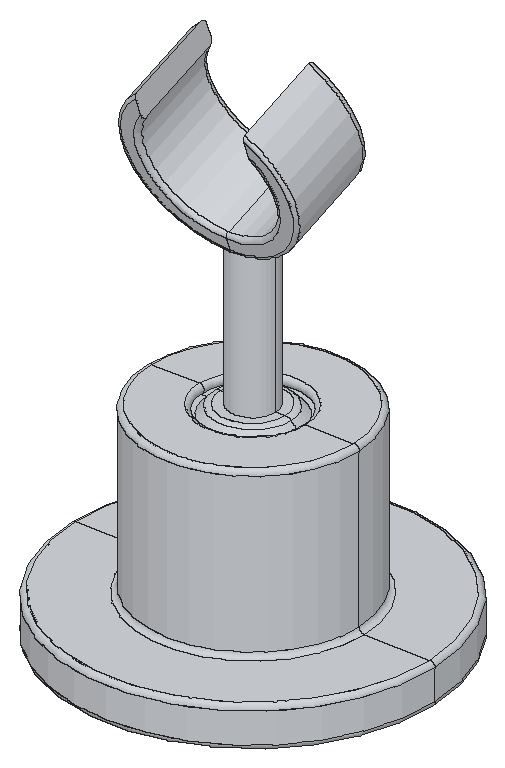
Revit family "Accessory-Handshower_Holder-KOHLER-STILLNESS-K-975T", category Specialty Equipment, host Face, Revit 2017
Family settings
  Host = Face
  Round Connector Dimension = Use Diameter
  Part Type = Normal
  OmniClass Number = 23.31.25.00
  OmniClass Title = Toilet and Bath Specialties
  Cut with Voids When Loaded = No
  Shared = No
  Room Calculation Point = No
Parameters (values of type "CP-Polished Chrome")
  Width = 2 103/256"  # constant formula
  WaterSense Certified = 1 = 0  # no
  URL = "http://www.kohler.com.cn/en/"
  Type = 1
  Product Page URL = "https://www.kohler.com.cn/en/product/K-975T-CP/K-975T-CP/"
  Product Name = "PURIST"  # constant formula
  Product Documentation Link = "https://files.kohler.com.cn/pdfs/k_975t_1.pdf"
  Model = "K-975T-CP"  # constant formula
  Material = "Metal Construction"  # constant formula
  Master Format 2014 Name = "Toilet, Bath, and Laundry Accessories"  # constant formula
  Master Format 2014 = "10 28 00"  # constant formula
  Manufacturer Address = "Kohler Beijing Office (100016)\n36-2-03-B, No. 88, Liuxiang Road, Beijing"  # constant formula
  Manufacturer = "KOHLER Co."  # constant formula
  Length = 3 1/2"  # constant formula
  Height = 2 103/256"  # constant formula
  Finish = Kohler-Metal-CP-Polished_Chrome
  Environmental Product Declaration = ""
  Description = "WALLMOUNT BRACKET"  # constant formula
  Default Elevation = 42"
  Declare Label = ""
  Date Modified = "07/06/2020"  # constant formula
  Date Created = "07/06/2020"  # constant formula
  Copyright = "Copyright KOHLER Co."  # constant formula
  Contact Us = "http://www.kohler.com.cn/en/contact/contact-us/"
  Assembly Code = "C1030200"
  ADA Compliant = 1 = 0  # no
Reference planes (in)
  plane 1 "Center (Front/Back)": y = 0
  plane 2: z = 0
  plane 3 "Center (Left/Right)": x = 0
  plane 4: y = 1.20079
  plane 5: y = -1.20156
  plane 6: x = -1.20079
  plane 7: x = 1.20156
  plane 8: z = 3.5
  plane 9: through (0, -1.11627, 2.56856) normal (0, -0.342, 0.9397)
Dimensions and locks (in)
  "Width": plane 7 to plane 6
  "Length": plane 8 to level
  "Height": plane 4 to plane 5
  angle plane 9 to plane 1 "Center (Front/Back)" = 70.00°
  aligned and locked: plane 2 to host face
  aligned and locked: level to host face
Automatic sketch dimensions
  host sketch curve to host sketch curve = 96"  (x2)
Nested families (in)
  nested 1: "K-975T" at (0, 0, 0), type "K-975T"
Definition of nested family "K-975T"
  Parameters (values of type "K-975T")
    Material = none
  Reference planes (in)
    plane 1 "Center (Front/Back)": y = 0
    plane 2: z = 0
    plane 3 "Center (Left/Right)": x = 0
    plane 4: x = 1.20079
    plane 5: x = -1.20079
    plane 6: y = 1.20079
    plane 7: y = -1.20079
    plane 8: z = 3.50394
    plane 9 "1": through (0, -0.53989, 2.77834) normal (0, -0.342, 0.9397)
  Forms (in)
    Revolve 1, solid, material <- "Material", detail levels medium+fine
      sketch origin (0, 0, 0) x (1, 0, 0) y (0, 0, 1)
        loop
          line (0.66612, 1.375) -> (0.34954, 1.375)
          arc (0.34954, 1.375) -> (0.32503, 1.345) -> (0.34954, 1.315) r 0.03061
          line (0.34954, 1.315) -> (0.30074, 1.315)
          arc (0.30074, 1.315) -> (0.27814, 1.34128) -> (0.25303, 1.36518) r 0.3473
          arc (0.25303, 1.36518) -> (0.23462, 1.37608) -> (0.21359, 1.37996) r 0.06106
          line (0.21359, 1.37996) -> (0.15001, 1.37996) -> (0.15001, 2.49611) -> (0, 2.49611) -> (0, 0) -> (1.16488, 0)
          arc (1.16488, 0) -> (1.18972, 0.01029) -> (1.2, 0.03513) r 0.03513
          line (1.2, 0.03513) -> (1.2, 0.2359)
          arc (1.2, 0.2359) -> (1.19002, 0.26001) -> (1.16591, 0.27) r 0.0341
          line (1.16591, 0.27) -> (0.73367, 0.27)
          arc (0.73367, 0.27) -> (0.70986, 0.27986) -> (0.7, 0.30367) r 0.03367
          line (0.7, 0.30367) -> (0.7, 1.34112)
          arc (0.7, 1.34112) -> (0.69008, 1.36508) -> (0.66612, 1.375) r 0.03388
        axis (0, 2.49611) -> (0, 0)
      angle from 0 to 360
    Revolve 2, solid, material <- "Material", detail levels medium+fine
      sketch origin (0, 0, 0) x (0, 1, 0) y (0, 0, 1)
        loop
          arc (-0.19675, 2.48201) -> (-0.21354, 2.46662) -> (-0.21454, 2.44387) r 0.02976
          line (-0.21454, 2.44387) -> (-0.18547, 2.36402)
          arc (-0.18547, 2.36402) -> (-0.17499, 2.35258) -> (-0.1595, 2.35191) r 0.02027
          line (-0.1595, 2.35191) -> (0.36624, 2.54326)
          arc (0.36624, 2.54326) -> (0.38331, 2.5589) -> (0.38432, 2.58204) r 0.03026
          line (0.38432, 2.58204) -> (0.35883, 2.65209)
          arc (0.35883, 2.65209) -> (0.34321, 2.66913) -> (0.32012, 2.67014) r 0.0302
          line (0.32012, 2.67014) -> (-0.19675, 2.48201)
        axis (0.19888, 3.09154) -> (-0.37433, 2.88291)
      angle from 0 to 360
    Extrusion 3, void
      sketch origin (-0.01603, 0, -0.00247) x (1, 0, 0) y (0, 0, 1)
        loop
          line (-0.34, 3.75839) -> (-0.34, 3.06599) -> (0.37176, 3.06599) -> (0.37176, 3.75839) -> (-0.34, 3.75839)
      from -0.72024 to 1.00012
    Revolve 4, solid, material <- "Material", detail levels coarse
      sketch origin (0, 0, 0) x (1, 0, 0) y (0, 0, 1)
        loop
          line (0.15001, 1.375) -> (0.15001, 2.49751) -> (0, 2.49751) -> (0, 0) -> (1.20079, 0) -> (1.20079, 0.27) -> (0.7, 0.27) -> (0.7, 1.375) -> (0.15001, 1.375)
        axis (0, 2.49751) -> (0, 0)
      angle from 0 to 360
    Revolve 5, solid, material <- "Material", detail levels coarse
      sketch origin (0, 0, 0) x (0, 1, 0) y (0, 0, 1)
        loop
          line (-0.17854, 2.34498) -> (0.39466, 2.55361) -> (0.34849, 2.68046) -> (-0.22471, 2.47184) -> (-0.17854, 2.34498)
        axis (0.19764, 3.09491) -> (-0.37556, 2.88628)
      angle from 0 to 360
  Cuts and joins
    Extrusion 3 cuts Revolve 1
    Extrusion 3 cuts Revolve 2
    joined: Revolve 1, Revolve 2
    Extrusion 3 cuts Revolve 5
    joined: Revolve 4, Revolve 5
  Lines and regions (in)
    Masking region 1
      outline origin (-0.00962, -0.01507, 0) x (1, 0, 0) y (0, 1, 0)
        loop
          circle (0.00962, 0.01507) r 1.20079
    Masking region 2
      outline origin (0, 0, 0) x (1, 0, 0) y (0, 0, 1)
        loop
          line (0.66612, 1.375) -> (0.24761, 1.375) -> (0.21359, 1.37996) -> (0.15001, 1.37996) -> (0.15001, 2.36983)
          arc (0.15001, 2.36983) -> (0.3357, 2.45262) -> (0.47991, 2.59593) r 0.56328
          arc (0.47991, 2.59593) -> (0.54854, 2.73584) -> (0.57246, 2.88984) r 0.51808
          line (0.57246, 2.88984) -> (0.57246, 3.08328)
          arc (0.57246, 3.08328) -> (0.51387, 3.31926) -> (0.35573, 3.50397) r 0.528
          line (0.35573, 3.50397) -> (0.35573, 3.13167)
          arc (0.35573, 3.13167) -> (0.39843, 3.06301) -> (0.42535, 2.98678) r 0.37346
          arc (0.42535, 2.98678) -> (0.26754, 2.75524) -> (0, 2.67196) r 0.42566
          arc (0, 2.67196) -> (-0.26754, 2.75524) -> (-0.42535, 2.98678) r 0.42566
          arc (-0.42535, 2.98678) -> (-0.39853, 3.0628) -> (-0.35603, 3.1313) r 0.37346
          line (-0.35603, 3.1313) -> (-0.35603, 3.50376)
          arc (-0.35603, 3.50376) -> (-0.51395, 3.3191) -> (-0.57246, 3.08328) r 0.528
          line (-0.57246, 3.08328) -> (-0.57246, 2.88984)
          arc (-0.57246, 2.88984) -> (-0.54854, 2.73584) -> (-0.47991, 2.59593) r 0.51808
          arc (-0.47991, 2.59593) -> (-0.3357, 2.45262) -> (-0.15001, 2.36983) r 0.56328
          line (-0.15001, 2.36983) -> (-0.15001, 1.37996) -> (-0.21359, 1.37996) -> (-0.24761, 1.375) -> (-0.66612, 1.375)
          arc (-0.66612, 1.375) -> (-0.69008, 1.36508) -> (-0.7, 1.34112) r 0.03388
          line (-0.7, 1.34112) -> (-0.7, 0.30367)
          arc (-0.7, 0.30367) -> (-0.70986, 0.27986) -> (-0.73367, 0.27) r 0.03367
          line (-0.73367, 0.27) -> (-1.16591, 0.27)
          arc (-1.16591, 0.27) -> (-1.19002, 0.26001) -> (-1.2, 0.2359) r 0.0341
          line (-1.2, 0.2359) -> (-1.2, 0.03513)
          arc (-1.2, 0.03513) -> (-1.18972, 0.01029) -> (-1.16488, 0) r 0.03513
          line (-1.16488, 0) -> (0, 0) -> (1.16488, 0)
          arc (1.16488, 0) -> (1.18972, 0.01029) -> (1.2, 0.03513) r 0.03513
          line (1.2, 0.03513) -> (1.2, 0.2359)
          arc (1.2, 0.2359) -> (1.19002, 0.26001) -> (1.16591, 0.27) r 0.0341
          line (1.16591, 0.27) -> (0.73367, 0.27)
          arc (0.73367, 0.27) -> (0.70986, 0.27986) -> (0.7, 0.30367) r 0.03367
          line (0.7, 0.30367) -> (0.7, 1.34112)
          arc (0.7, 1.34112) -> (0.69008, 1.36508) -> (0.66612, 1.375) r 0.03388
    Masking region 3
      outline origin (0, 0, 0) x (0, 1, 0) y (0, 0, 1)
        loop
          arc (-0.66612, 1.375) -> (-0.69008, 1.36508) -> (-0.7, 1.34112) r 0.03388
          line (-0.7, 1.34112) -> (-0.7, 0.30367)
          arc (-0.7, 0.30367) -> (-0.70986, 0.27986) -> (-0.73367, 0.27) r 0.03367
          line (-0.73367, 0.27) -> (-1.16591, 0.27)
          arc (-1.16591, 0.27) -> (-1.19002, 0.26001) -> (-1.2, 0.2359) r 0.0341
          line (-1.2, 0.2359) -> (-1.2, 0.03513)
          arc (-1.2, 0.03513) -> (-1.18972, 0.01029) -> (-1.16488, 0) r 0.03513
          line (-1.16488, 0) -> (0, 0) -> (1.16488, 0)
          arc (1.16488, 0) -> (1.18972, 0.01029) -> (1.2, 0.03513) r 0.03513
          line (1.2, 0.03513) -> (1.2, 0.2359)
          arc (1.2, 0.2359) -> (1.19002, 0.26001) -> (1.16591, 0.27) r 0.0341
          line (1.16591, 0.27) -> (0.73367, 0.27)
          arc (0.73367, 0.27) -> (0.70986, 0.27986) -> (0.7, 0.30367) r 0.03367
          line (0.7, 0.30367) -> (0.7, 1.34112)
          arc (0.7, 1.34112) -> (0.69008, 1.36508) -> (0.66612, 1.375) r 0.03388
          line (0.66612, 1.375) -> (0.24982, 1.375)
          arc (0.24982, 1.375) -> (0.23187, 1.37871) -> (0.21359, 1.37996) r 0.13485
          line (0.21359, 1.37996) -> (0.15001, 1.37996) -> (0.15001, 2.44342)
          arc (0.15001, 2.44342) -> (0.15547, 2.46074) -> (0.16987, 2.47179) r 0.03019
          line (0.16987, 2.47179) -> (0.36699, 2.54353)
          arc (0.36699, 2.54353) -> (0.3836, 2.55876) -> (0.38459, 2.58128) r 0.02945
          line (0.38459, 2.58128) -> (0.05691, 3.48155)
          arc (0.05691, 3.48155) -> (0.03961, 3.50044) -> (0.01402, 3.50155) r 0.03347
          line (0.01402, 3.50155) -> (-0.50597, 3.31229)
          arc (-0.50597, 3.31229) -> (-0.51904, 3.30032) -> (-0.51981, 3.28261) r 0.02315
          line (-0.51981, 3.28261) -> (-0.1853, 2.36356)
          arc (-0.1853, 2.36356) -> (-0.17508, 2.3524) -> (-0.15996, 2.35174) r 0.01977
          arc (-0.15996, 2.35174) -> (-0.15255, 2.3352) -> (-0.15001, 2.31725) r 0.06474
          line (-0.15001, 2.31725) -> (-0.15001, 1.37996) -> (-0.21359, 1.37996)
          arc (-0.21359, 1.37996) -> (-0.23187, 1.37871) -> (-0.24982, 1.375) r 0.13485
          line (-0.24982, 1.375) -> (-0.66612, 1.375)
    symbolic lines, detail levels medium+fine
      curve 1: circle (0, 0, 0) r 1.16619 normal (0, 0, 1)
      curve 2: circle (0, 0, 0) r 0.73605 normal (0, 0, 1)
      curve 3: circle (0, 0, 0) r 0.69896 normal (0, 0, 1)
      curve 4: arc (-0.4595, -0.48092, 0) -> (0, -0.66515, 0) -> (0.4595, -0.48092, 0) r 0.66515
      curve 5: arc (-0.11925, -0.22229, 0) -> (0.00027, -0.2532, 0) -> (0.11982, -0.22235, 0) r 0.24684
      curve 6: line (-0.39037, -0.49141, 0) -> (-0.39037, 0.02542, 0)
      curve 7: line (0.39037, 0.02542, 0) -> (0.39037, -0.49141, 0)
      curve 8: line (-0.34, 0.07069, 0) -> (-0.34, -0.48102, 0)
      curve 9: line (0.34, -0.48102, 0) -> (0.34, 0.07069, 0)
      curve 10: arc (-0.34, 0.07069, 0) -> (-0.34719, 0.09077, 0) -> (-0.3655, 0.10172, 0) r 0.03163
      curve 11: arc (-0.3655, 0.10172, 0) -> (-0.40732, 0.12426, 0) -> (-0.4381, 0.16045, 0) r 0.12848
      curve 12: spline (-0.4381, 0.16045, 0) -> (-0.42316, 0.20179, 0) -> (-0.37936, 0.24031, 0) -> (-0.30969, 0.27338, 0) -> (-0.2189, 0.29875, 0) -> (-0.11318, 0.31469, 0) -> (0.00025, 0.3201, 0) -> (0.11367, 0.31462, 0) -> (0.21932, 0.29863, 0) -> (0.31001, 0.27322, 0) -> (0.37955, 0.24011, 0) -> (0.4232, 0.20157, 0) -> (0.43797, 0.16022, 0)
      curve 13: arc (0.3655, 0.10172, 0) -> (0.40722, 0.12417, 0) -> (0.43797, 0.16022, 0) r 0.12848
      curve 14: line (-0.37, 0.09976, 0) -> (-0.37, 0.06115, 0)
      curve 15: arc (-0.37, 0.09976, 0) -> (-0.42015, 0.12518, 0) -> (-0.45982, 0.16502, 0) r 0.17729
      curve 16: arc (0.37, 0.09976, 0) -> (0.42015, 0.12518, 0) -> (0.45982, 0.16502, 0) r 0.17729
      curve 17: arc (-0.45982, 0.16502, 0) -> (-0.4704, 0.19781, 0) -> (-0.45982, 0.23061, 0) r 0.05613
      curve 18: arc (-0.45982, 0.23061, 0) -> (-0.44889, 0.24467, 0) -> (-0.43695, 0.25788, 0) r 0.24103
      curve 19: arc (-0.43695, 0.25788, 0) -> (-0.39875, 0.28344, 0) -> (-0.35682, 0.30229, 0) r 0.27559
      curve 20: arc (-0.35682, 0.30229, 0) -> (-0.18099, 0.34684, 0) -> (0, 0.35881, 0) r 0.99765
      curve 21: arc (0.45982, 0.23061, 0) -> (0.44889, 0.24467, 0) -> (0.43695, 0.25788, 0) r 0.24103
      curve 22: arc (0.43695, 0.25788, 0) -> (0.39875, 0.28344, 0) -> (0.35682, 0.30229, 0) r 0.27559
      curve 23: arc (0.35682, 0.30229, 0) -> (0.18099, 0.34684, 0) -> (0, 0.35881, 0) r 0.99765
      curve 24: arc (0.45982, 0.16502, 0) -> (0.4704, 0.19781, 0) -> (0.45982, 0.23061, 0) r 0.05613
      curve 25: arc (0.19104, -0.23226, 0) -> (0, -0.30074, 0) -> (-0.19104, -0.23226, 0) r 0.30074
      curve 26: arc (-0.37, 0.06115, 0) -> (-0.39789, 0.07001, 0) -> (-0.42476, 0.08159, 0) r 0.29536
      curve 27: arc (-0.42476, 0.08159, 0) -> (-0.48903, 0.11444, 0) -> (-0.53772, 0.16773, 0) r 0.20282
      curve 28: arc (-0.53772, 0.16773, 0) -> (-0.54435, 0.20904, 0) -> (-0.52588, 0.24659, 0) r 0.06897
      curve 29: arc (-0.52588, 0.24659, 0) -> (-0.46025, 0.29838, 0) -> (-0.38305, 0.33047, 0) r 0.30574
      curve 30: arc (-0.38305, 0.33047, 0) -> (-0.19386, 0.37401, 0) -> (0, 0.3843, 0) r 1.12243
      curve 31: arc (0.37, 0.06115, 0) -> (0.39789, 0.07001, 0) -> (0.42476, 0.08159, 0) r 0.29536
      curve 32: arc (0.42476, 0.08159, 0) -> (0.48903, 0.11444, 0) -> (0.53772, 0.16773, 0) r 0.20282
      curve 33: arc (0.53772, 0.16773, 0) -> (0.54435, 0.20904, 0) -> (0.52588, 0.24659, 0) r 0.06897
      curve 34: arc (0.52588, 0.24659, 0) -> (0.46025, 0.29838, 0) -> (0.38305, 0.33047, 0) r 0.30574
      curve 35: arc (0.38305, 0.33047, 0) -> (0.19386, 0.37401, 0) -> (0, 0.3843, 0) r 1.12243
      curve 36: arc (-0.39037, 0.02542, 0) -> (-0.44589, 0.04552, 0) -> (-0.49861, 0.07209, 0) r 0.49389
      curve 37: arc (-0.49861, 0.07209, 0) -> (-0.53871, 0.10296, 0) -> (-0.56958, 0.14306, 0) r 0.19616
      curve 38: arc (-0.56958, 0.14306, 0) -> (-0.57579, 0.17172, 0) -> (-0.56958, 0.20037, 0) r 0.06917
      curve 39: arc (-0.56958, 0.20037, 0) -> (-0.5353, 0.25156, 0) -> (-0.48644, 0.28909, 0) r 0.18993
      curve 40: arc (-0.48644, 0.28909, 0) -> (-0.36482, 0.34011, 0) -> (-0.23576, 0.36731, 0) r 0.69686
      curve 41: arc (-0.23576, 0.36731, 0) -> (-0.11804, 0.37864, 0) -> (0, 0.38596, 0) r 3.47896
      curve 42: arc (0.39037, 0.02542, 0) -> (0.44589, 0.04552, 0) -> (0.49861, 0.07209, 0) r 0.49389
      curve 43: arc (0.49861, 0.07209, 0) -> (0.53871, 0.10296, 0) -> (0.56958, 0.14306, 0) r 0.19616
      curve 44: arc (0.56958, 0.14306, 0) -> (0.57579, 0.17172, 0) -> (0.56958, 0.20037, 0) r 0.06917
      curve 45: arc (0.56958, 0.20037, 0) -> (0.5353, 0.25156, 0) -> (0.48644, 0.28909, 0) r 0.18993
      curve 46: arc (0.48644, 0.28909, 0) -> (0.36482, 0.34011, 0) -> (0.23576, 0.36731, 0) r 0.69686
      curve 47: arc (0.23576, 0.36731, 0) -> (0.11804, 0.37864, 0) -> (0, 0.38596, 0) r 3.47896
      curve 48: arc (-0.25023, -0.24406, 0) -> (0, -0.34954, 0) -> (0.25023, -0.24406, 0) r 0.34954
      curve 49: arc (-0.39037, 0.02542, 0) -> (-0.38641, 0.04684, 0) -> (-0.37, 0.06115, 0) r 0.03308
      curve 50: arc (0.39037, 0.02542, 0) -> (0.38641, 0.04684, 0) -> (0.37, 0.06115, 0) r 0.03308
      curve 51: arc (0.575, -0.34691, 0) -> (0.57135, -0.37287, 0) -> (0.56153, -0.39718, 0) r 0.10766
      curve 52: arc (0.56153, -0.39718, 0) -> (0.53376, -0.43404, 0) -> (0.49691, -0.46181, 0) r 0.16565
      curve 53: arc (0.49691, -0.46181, 0) -> (0.44423, -0.48785, 0) -> (0.38935, -0.50885, 0) r 0.62798
      curve 54: arc (0.38935, -0.50885, 0) -> (0.3721, -0.51435, 0) -> (0.3546, -0.50968, 0) r 0.03226
      curve 55: arc (0.3546, -0.50968, 0) -> (0.34379, -0.49714, 0) -> (0.34, -0.48102, 0) r 0.03475
      curve 56: arc (0.575, -0.34691, 0) -> (0.56787, -0.37853, 0) -> (0.54915, -0.40498, 0) r 0.08275
      curve 57: arc (0.54915, -0.40498, 0) -> (0.51659, -0.43203, 0) -> (0.48082, -0.45466, 0) r 0.32822
      curve 58: arc (0.48082, -0.45466, 0) -> (0.43664, -0.47561, 0) -> (0.39037, -0.49141, 0) r 0.4304
      curve 59: arc (0.39037, -0.49141, 0) -> (0.36524, -0.49428, 0) -> (0.34068, -0.48823, 0) r 0.07152
      curve 60: line (0.39037, 0.02542, 0) -> (0.39037, -0.49141, 0)
      curve 61: arc (0.39037, -0.49141, 0) -> (0.38466, -0.50952, 0) -> (0.3662, -0.51395, 0) r 0.01927
      curve 62: line (0.575, -0.34691, 0) -> (0.575, 0.16126, 0)
      curve 63: arc (-0.575, -0.34691, 0) -> (-0.57135, -0.37287, 0) -> (-0.56153, -0.39718, 0) r 0.10766
      curve 64: arc (-0.56153, -0.39718, 0) -> (-0.53376, -0.43404, 0) -> (-0.49691, -0.46181, 0) r 0.16565
      curve 65: arc (-0.49691, -0.46181, 0) -> (-0.44116, -0.48918, 0) -> (-0.38298, -0.51091, 0) r 0.62798
      curve 66: arc (-0.3546, -0.50968, 0) -> (-0.34379, -0.49714, 0) -> (-0.34, -0.48102, 0) r 0.03475
      curve 67: arc (-0.575, -0.34691, 0) -> (-0.56787, -0.37853, 0) -> (-0.54915, -0.40498, 0) r 0.08275
      curve 68: arc (-0.54915, -0.40498, 0) -> (-0.51659, -0.43203, 0) -> (-0.48082, -0.45466, 0) r 0.32822
      curve 69: arc (-0.48082, -0.45466, 0) -> (-0.43664, -0.47561, 0) -> (-0.39037, -0.49141, 0) r 0.4304
      curve 70: arc (-0.39037, -0.49141, 0) -> (-0.36524, -0.49428, 0) -> (-0.34068, -0.48823, 0) r 0.07152
      curve 71: arc (-0.39037, -0.49141, 0) -> (-0.38466, -0.50952, 0) -> (-0.3662, -0.51395, 0) r 0.01927
      curve 72: line (-0.575, -0.34691, 0) -> (-0.575, 0.16126, 0)
      curve 73: arc (0.575, -0.33437, 0) -> (0, 0.66515, 0) -> (-0.575, -0.33437, 0) r 0.66515
      curve 74: arc (-0.34, -0.2684, 0) -> (0, -0.21598, 0) -> (0.34, -0.2684, 0) r 1.12868
      curve 75: arc (0.34, 0.07069, 0) -> (0.34719, 0.09077, 0) -> (0.3655, 0.10172, 0) r 0.03163
      curve 76: line (0.37, 0.09976, 0) -> (0.37, 0.06115, 0)
      curve 77: arc (0.42535, 0, 2.98678) -> (0.43447, 0, 3.03349) -> (0.43742, 0, 3.081) r 0.3637
      curve 78: arc (-0.42535, 0, 2.98678) -> (-0.43447, 0, 3.03349) -> (-0.43742, 0, 3.081) r 0.3637
      curve 79: line (0.7, 0, 1.34112) -> (-0.7, 0, 1.34112)
      curve 80: line (1.2, 0, 0.2359) -> (-1.2, 0, 0.2359)
      curve 81: line (1.2, 0, 0.03513) -> (-1.2, 0, 0.03513)
      curve 82: line (0.73367, 0, 0.27) -> (-0.73367, 0, 0.27)
      curve 83: line (0.15001, 0, 1.37996) -> (-0.15001, 0, 1.37996)
      curve 84: line (0.15001, 0, 2.36983) -> (0.15001, 0, 2.43109)
      curve 85: line (-0.15001, 0, 2.36983) -> (-0.15001, 0, 2.43109)
      curve 86: arc (-0.15001, 0, 2.43109) -> (-0.14089, 0, 2.44501) -> (-0.12697, 0, 2.45413) r 0.04083
      curve 87: arc (-0.12697, 0, 2.45413) -> (-0.09102, 0, 2.46342) -> (-0.05389, 0, 2.46375) r 0.15254
      curve 88: arc (-0.05389, 0, 2.46375) -> (-0.02695, 0, 2.46443) -> (0, 0, 2.46469) r 1.73876
      curve 89: arc (0.15001, 0, 2.43109) -> (0.14089, 0, 2.44501) -> (0.12697, 0, 2.45413) r 0.04083
      curve 90: arc (0.12697, 0, 2.45413) -> (0.09102, 0, 2.46342) -> (0.05389, 0, 2.46375) r 0.15254
      curve 91: arc (0.05389, 0, 2.46375) -> (0.02695, 0, 2.46443) -> (0, 0, 2.46469) r 1.73876
      curve 92: arc (0, 0.15949, 2.46539) -> (0, -0.00757, 2.42913) -> (0, -0.15882, 2.34947) r 0.63281
      curve 93: line (0, -1.2, 0.2359) -> (0, 1.2, 0.2359)
      curve 94: line (0, -1.2, 0.03513) -> (0, 1.2, 0.03513)
      curve 95: line (0, -0.7, 1.34112) -> (0, 0.7, 1.34112)
      curve 96: line (0, -0.50804, 3.31154) -> (0, -0.15998, 2.35172)
      curve 97: line (0, 0.36699, 2.54353) -> (0, 0.01799, 3.5024)
      curve 98: line (0, -0.15001, 1.37996) -> (0, 0.15001, 1.37996)
      curve 99: line (0, -0.24982, 1.375) -> (0, 0.24982, 1.375)
      curve 100: line (0, -0.73367, 0.27) -> (0, 0.73367, 0.27)
      curve 101: line (0.24761, 0, 1.375) -> (-0.24761, 0, 1.375)
  Dimensions and locks (in)
    plane 5 to plane 4 = 2.40157"
    plane 6 to plane 7 = 2.40157"
    plane 8 to level = 3.50394"
    angle plane 9 "1" to plane 1 "Center (Front/Back)" = 70.00°
    aligned and locked: plane 2 to level
  Automatic sketch dimensions
    Revolve 1 sketch curve to plane 3 "Center (Left/Right)" = 0"  (x2)
    Revolve 1 sketch curve to level = 0"
    plane 3 "Center (Left/Right)" to Revolve 1 sketch curve = 0.02645"
    plane 3 "Center (Left/Right)" to Revolve 1 sketch curve = 0.15001"
    Revolve 1 sketch curve to Revolve 1 sketch curve = 0.06318"
    Revolve 1 sketch curve to Revolve 1 sketch curve = 0.0004"
    Revolve 1 sketch curve to Revolve 1 sketch curve = 0.08754"
    Revolve 1 sketch curve to Revolve 1 sketch curve = 0.04881"
    Revolve 1 sketch curve to Revolve 1 sketch curve = 0"  (x2)
    Revolve 1 sketch curve to Revolve 1 sketch curve = 0.00609"
    Revolve 1 sketch curve to Revolve 1 sketch curve = 0.31048"
    Revolve 1 sketch curve to Revolve 1 sketch curve = 0.03388"
    Revolve 1 sketch curve to Revolve 1 sketch curve = 0.03367"
    Revolve 1 sketch curve to Revolve 1 sketch curve = 0.43121"
    Revolve 1 sketch curve to Revolve 1 sketch curve = 0.00103"
    Revolve 1 sketch curve to Revolve 1 sketch curve = 0.0341"
    Revolve 1 sketch curve to Revolve 1 sketch curve = 0.20078"
    Revolve 1 sketch curve to Revolve 1 sketch curve = 0.7983"
    Revolve 1 sketch curve to Revolve 1 sketch curve = 0.21303"
    Revolve 1 sketch curve to Revolve 1 sketch curve = 1/256"
    Revolve 1 sketch curve to Revolve 1 sketch curve = 0.02612"
    Revolve 1 sketch curve to Revolve 1 sketch curve = 0.01478"
    Revolve 1 sketch curve to Revolve 1 sketch curve = 1.11615"
    Revolve 1 sketch curve to Revolve 1 sketch curve = 0.18831"
    Revolve 1 sketch curve to Revolve 1 sketch curve = 0.68661"
    plane 1 "Center (Front/Back)" to Revolve 2 sketch curve = 0.21454"
    Revolve 2 sketch curve to Revolve 2 sketch curve = 0.01779"
    Revolve 2 sketch curve to Revolve 2 sketch curve = 0.01018"
    Revolve 2 sketch curve to Revolve 2 sketch curve = 0.02906"
    Revolve 2 sketch curve to Revolve 2 sketch curve = 0.01905"
    Revolve 2 sketch curve to Revolve 2 sketch curve = 0.00693"
    Revolve 2 sketch curve to plane 1 "Center (Front/Back)" = 0.32012"
    Revolve 2 sketch curve to Revolve 2 sketch curve = 0.01033"
    Revolve 2 sketch curve to Revolve 2 sketch curve = 0.02544"
    Revolve 2 sketch curve to Revolve 2 sketch curve = 0.02838"
    Revolve 2 sketch curve to Revolve 2 sketch curve = 0.01035"
    Revolve 2 sketch curve to plane 8 = 1.15203"
    plane 1 "Center (Front/Back)" to Revolve 2 sketch curve = 0.15078"
    Revolve 2 sketch curve to plane 1 "Center (Front/Back)" = 0.40416"
    Revolve 2 sketch curve to Revolve 2 sketch curve = 0.48226"
    Revolve 2 sketch curve to plane 8 = 0.33768"
    Extrusion 3 sketch curve to plane 3 "Center (Left/Right)" = 0.35603"
    plane 3 "Center (Left/Right)" to Extrusion 3 sketch curve = 0.35573"
    Extrusion 3 sketch curve to plane 8 = 0.44042"
    plane 8 to Extrusion 3 sketch curve = 0.25199"
    plane 1 "Center (Front/Back)" to Masking region 1 sketch curve = 0"
    plane 5 to Masking region 1 sketch curve = 1.20079"
    curve 1 to curve 2 = 0"  (x2)
    curve 1 to curve 3 = 0"  (x2)
    curve 1 to curve 4 = 0"  (x2)
    curve 1 to curve 25 = 0"  (x2)
    curve 1 to curve 48 = 0"  (x2)
    curve 1 to curve 73 = 0"  (x2)
    curve 2 to curve 3 = 0"  (x2)
    curve 2 to curve 4 = 0"  (x2)
    curve 2 to curve 25 = 0"  (x2)
    curve 2 to curve 48 = 0"  (x2)
    curve 2 to curve 73 = 0"  (x2)
    curve 3 to curve 4 = 0"  (x2)
    curve 3 to curve 25 = 0"  (x2)
    curve 3 to curve 48 = 0"  (x2)
    curve 3 to curve 73 = 0"  (x2)
    curve 4 to curve 25 = 0"  (x2)
    curve 4 to curve 48 = 0"  (x2)
    curve 4 to curve 73 = 0"  (x2)
    curve 25 to curve 48 = 0"  (x2)
    curve 25 to curve 73 = 0"  (x2)
    curve 48 to curve 73 = 0"  (x2)
    plane 1 "Center (Front/Back)" to curve 25 = 0"
    curve 25 to plane 3 "Center (Left/Right)" = 0"
    curve 23 to plane 3 "Center (Left/Right)" = 0"
    curve 30 to plane 3 "Center (Left/Right)" = 0"
    curve 74 to plane 3 "Center (Left/Right)" = 0"
    curve 41 to plane 3 "Center (Left/Right)" = 0"
    curve 20 to plane 3 "Center (Left/Right)" = 0.02492"
    curve 30 to plane 3 "Center (Left/Right)" = 0.03765"
    curve 47 to plane 3 "Center (Left/Right)" = 0.15628"
    curve 40 to plane 3 "Center (Left/Right)" = 0.15724"
    curve 65 to plane 1 "Center (Front/Back)" = 0.08751"
    curve 65 to plane 3 "Center (Left/Right)" = 0.19258"
    curve 36 to plane 3 "Center (Left/Right)" = 0.25034"
    curve 18 to curve 65 = 0.07163"
    curve 19 to curve 18 = 0.00093"
    plane 1 "Center (Front/Back)" to curve 69 = 0.07687"
    curve 69 to curve 19 = 0.00949"
    curve 26 to curve 36 = 0.04425"
    curve 29 to curve 19 = 0.04029"
    curve 15 to curve 26 = 0.02134"
    curve 68 to curve 69 = 0.04895"
    curve 11 to curve 15 = 0.01059"
    curve 8 to curve 29 = 0.03458"
    curve 49 to curve 8 = 0.01767"
    curve 27 to curve 15 = 0.05011"
    curve 70 to curve 66 = 0.02981"
    curve 14 to plane 1 "Center (Front/Back)" = 0.09976"
    curve 14 to curve 10 = 0.03"
    curve 14 to plane 1 "Center (Front/Back)" = 0.06115"
    curve 14 to curve 8 = 0.03"
    curve 71 to curve 8 = 0.03151"
    curve 10 to curve 26 = 0.00163"
    curve 66 to curve 71 = 0.00323"
    curve 6 to plane 1 "Center (Front/Back)" = 0.02542"
    curve 6 to curve 49 = 0.03269"
    curve 39 to curve 15 = 0.02671"
    curve 37 to curve 27 = 0.03396"
    curve 17 to curve 37 = 0.01426"
    curve 64 to curve 74 = 0.07663"
    curve 63 to curve 64 = 0.05073"
    curve 28 to curve 17 = 0.06188"
    curve 67 to curve 63 = 0.02492"
    curve 38 to curve 28 = 0.03048"
    curve 72 to curve 67 = 0.08272"
    plane 3 "Center (Left/Right)" to curve 5 = 0.00034"
    plane 3 "Center (Left/Right)" to curve 23 = 0.02492"
    plane 3 "Center (Left/Right)" to curve 35 = 0.03765"
    plane 3 "Center (Left/Right)" to curve 41 = 0.15628"
    plane 3 "Center (Left/Right)" to curve 46 = 0.15724"
    plane 3 "Center (Left/Right)" to curve 53 = 0.19258"
    plane 3 "Center (Left/Right)" to curve 42 = 0.25034"
    curve 53 to curve 21 = 0.07163"
    curve 21 to curve 22 = 0.00093"
    curve 22 to curve 58 = 0.00949"
    curve 42 to curve 31 = 0.04425"
    curve 22 to curve 34 = 0.04029"
    curve 31 to curve 16 = 0.02134"
    curve 58 to curve 57 = 0.04895"
    curve 16 to curve 13 = 0.01059"
    curve 46 to curve 9 = 0.18276"
    curve 75 to curve 50 = 0.01767"
    curve 16 to curve 32 = 0.05011"
    curve 55 to curve 59 = 0.02981"
    curve 76 to plane 1 "Center (Front/Back)" = 0.09976"
    curve 75 to curve 76 = 0.03"  (x2)
    curve 76 to plane 1 "Center (Front/Back)" = 0.06115"
    curve 55 to curve 54 = 0.03132"
    curve 54 to curve 61 = 0.00019"
    curve 31 to curve 75 = 0.00163"
    curve 54 to curve 55 = 0.00342"
    curve 55 to curve 7 = 1/64"
    curve 16 to curve 45 = 0.02671"
    curve 32 to curve 43 = 0.03396"
    curve 43 to curve 24 = 0.01426"
    curve 74 to curve 52 = 0.07663"
    curve 52 to curve 51 = 0.05073"
    curve 24 to curve 33 = 0.06188"
    curve 51 to curve 56 = 0.02492"
    curve 33 to curve 44 = 0.03048"
    curve 56 to curve 62 = 0.08272"
    plane 1 "Center (Front/Back)" to curve 58 = 0.07687"
    curve 57 to curve 58 = 0.08969"
    curve 68 to curve 69 = 0.08969"
    curve 64 to curve 68 = 0.15035"
    curve 52 to curve 57 = 0.15035"
    curve 40 to curve 68 = 0.15855"
    curve 46 to curve 57 = 0.15855"
    curve 67 to curve 64 = 0.02797"
    curve 56 to curve 52 = 0.02797"
    curve 51 to curve 56 = 0.00014"
    curve 63 to curve 67 = 0.00014"
    curve 72 to curve 67 = 0.00204"
    curve 62 to curve 56 = 0.00204"
    curve 59 to curve 52 = 0.106"
    curve 70 to curve 64 = 0.106"
    curve 9 to curve 59 = 0.05812"
    curve 8 to curve 70 = 0.05812"
    curve 55 to curve 55 = 0.00035"
    curve 66 to curve 8 = 0.00035"
    curve 54 to curve 55 = 0.00073"
    curve 6 to curve 66 = 0.01004"
    curve 7 to curve 55 = 0.01004"
    curve 71 to curve 66 = 0.01405"
    curve 61 to curve 54 = 0.01332"
    curve 20 to curve 40 = 0.31342"
    curve 20 to curve 23 = 0"
    curve 35 to curve 23 = 0.09897"
    curve 30 to curve 35 = 0"
    curve 74 to plane 7 = 0.14387"
    curve 47 to curve 74 = 1.74483"
    curve 47 to curve 41 = 0"
    plane 1 "Center (Front/Back)" to curve 5 = 0.00636"
    curve 60 to plane 1 "Center (Front/Back)" = 0.02542"
    curve 29 to plane 1 "Center (Front/Back)" = 0.03474"
    curve 34 to plane 1 "Center (Front/Back)" = 0.03474"
    curve 34 to curve 22 = 0.00765"
    curve 29 to curve 19 = 0.00765"
    curve 26 to curve 10 = 0.00954"
    curve 31 to curve 75 = 0.00954"
    curve 22 to curve 53 = 0.04511"
    curve 19 to curve 18 = 0.04738"
    curve 22 to curve 21 = 0.04738"
    curve 16 to curve 45 = 0.02193"
    curve 15 to curve 39 = 0.02193"
    curve 45 to curve 44 = 0.05003"
    curve 39 to curve 38 = 0.05003"
    curve 39 to curve 17 = 0.07613"
    curve 45 to curve 24 = 0.07613"
    curve 38 to curve 28 = 0.02708"
    curve 44 to curve 33 = 0.02708"
    curve 17 to curve 11 = 0.02633"
    curve 24 to curve 13 = 0.02633"
    curve 24 to curve 43 = 0.04385"
    curve 17 to curve 37 = 0.04385"
    curve 11 to curve 15 = 0.04446"
    curve 13 to curve 16 = 0.04446"
    curve 37 to curve 27 = 0.03405"
    curve 43 to curve 32 = 0.03405"
    curve 15 to curve 26 = 5/64"
    curve 16 to curve 31 = 5/64"
    curve 31 to curve 42 = 0.15232"
    curve 26 to curve 36 = 0.15232"
    curve 12 to plane 3 "Center (Left/Right)" = 0.00007"
    curve 40 to curve 5 = 0.03798"
    curve 25 to curve 5 = 0.07179"
    curve 26 to curve 41 = 0.05884"
    curve 40 to curve 41 = 0"
    curve 48 to curve 25 = 0.05919"
    curve 71 to curve 66 = 0.01691"
    curve 27 to curve 20 = 0.00923"
    curve 19 to curve 20 = 0"
    curve 14 to curve 11 = 0.0045"
    curve 71 to curve 66 = 0.01159"
    curve 65 to curve 71 = 0.01678"
    curve 30 to curve 20 = 0.02623"
    curve 26 to curve 39 = 0.02805"
    curve 18 to curve 37 = 0.03695"
    curve 15 to curve 11 = 0.02172"
    curve 69 to curve 4 = 0.02132"
    curve 17 to curve 15 = 0"
    curve 68 to curve 69 = 0"
    curve 39 to curve 19 = 0.04948"
    curve 40 to curve 39 = 0"
    curve 64 to curve 65 = 0"
    curve 37 to curve 36 = 0"
    curve 28 to curve 29 = 0"
    curve 72 to curve 37 = 0.00542"
    curve 5 to curve 25 = 0.07122"
    curve 46 to curve 47 = 0"
    curve 54 to curve 61 = 0.01691"
    curve 22 to curve 23 = 0"
    curve 75 to curve 16 = 0.0045"
    curve 23 to curve 34 = 0.02623"
    curve 54 to curve 59 = 0.00102"
    curve 45 to curve 31 = 0.02805"
    curve 43 to curve 21 = 0.03695"
    curve 24 to curve 21 = 0"
    curve 57 to curve 58 = 0"
    curve 45 to curve 46 = 0"
    curve 52 to curve 53 = 0"
    curve 43 to curve 42 = 0"
    curve 33 to curve 34 = 0"
    curve 43 to curve 62 = 0.00542"
    curve 62 to curve 73 = 0.01254"
    Masking region 2 sketch curve to level = 0"
    Masking region 2 sketch curve to plane 3 "Center (Left/Right)" = 0"  (x2)
    Masking region 2 sketch curve to plane 3 "Center (Left/Right)" = 0.01431"
    Masking region 2 sketch curve to plane 3 "Center (Left/Right)" = 0.01726"
    Masking region 2 sketch curve to Masking region 2 sketch curve = 0.03019"  (x2)
    Masking region 2 sketch curve to Masking region 2 sketch curve = 0.03713"  (x2)
    Masking region 2 sketch curve to Masking region 2 sketch curve = 0.00741"  (x2)
    Masking region 2 sketch curve to plane 3 "Center (Left/Right)" = 0.15001"
    Masking region 2 sketch curve to Masking region 2 sketch curve = 0.06358"  (x2)
    Masking region 2 sketch curve to plane 8 = 0.00018"
    Masking region 2 sketch curve to plane 3 "Center (Left/Right)" = 0.35603"
    Masking region 2 sketch curve to Masking region 2 sketch curve = 0.21644"
    Masking region 2 sketch curve to Masking region 2 sketch curve = 0.45253"  (x2)
    Masking region 2 sketch curve to Masking region 2 sketch curve = 0.03388"  (x3)
    Masking region 2 sketch curve to Masking region 2 sketch curve = 0.03367"  (x2)
    plane 5 to Masking region 2 sketch curve = 0.03591"
    plane 5 to Masking region 2 sketch curve = 0.03488"
    plane 5 to Masking region 2 sketch curve = 0.00078"
    plane 3 "Center (Left/Right)" to Masking region 2 sketch curve = 0.01431"
    plane 3 "Center (Left/Right)" to Masking region 2 sketch curve = 0.01726"
    plane 3 "Center (Left/Right)" to Masking region 2 sketch curve = 0.15001"
    Masking region 2 sketch curve to Masking region 2 sketch curve = 0.31124"
    Masking region 2 sketch curve to Masking region 2 sketch curve = 0.21673"
    plane 4 to Masking region 2 sketch curve = 0.03591"
    plane 4 to Masking region 2 sketch curve = 0.03488"
    Masking region 2 sketch curve to Masking region 2 sketch curve = 0"  (x7)
    plane 4 to Masking region 2 sketch curve = 0.00078"
    Masking region 2 sketch curve to Masking region 2 sketch curve = 0.20078"  (x2)
    Masking region 2 sketch curve to Masking region 2 sketch curve = 1.03745"
    Masking region 2 sketch curve to Masking region 2 sketch curve = 0.00496"  (x2)
    Masking region 2 sketch curve to plane 8 = 0.6141"  (x2)
    Masking region 2 sketch curve to Masking region 2 sketch curve = 0.00162"
    Masking region 2 sketch curve to Masking region 2 sketch curve = 0.00984"  (x2)
    Masking region 2 sketch curve to Masking region 2 sketch curve = 0.02579"
    Masking region 2 sketch curve to Masking region 2 sketch curve = 0.16021"
    Masking region 2 sketch curve to Masking region 2 sketch curve = 0.19344"
    Masking region 2 sketch curve to Masking region 2 sketch curve = 0.01992"
    Masking region 2 sketch curve to Masking region 2 sketch curve = 0.04802"
    Masking region 2 sketch curve to Masking region 2 sketch curve = 0.0484"
    Masking region 2 sketch curve to Masking region 2 sketch curve = 0.03402"  (x2)
    Masking region 2 sketch curve to Masking region 2 sketch curve = 0.06932"
    Masking region 3 sketch curve to level = 0"
    Masking region 3 sketch curve to plane 1 "Center (Front/Back)" = 0"
    plane 1 "Center (Front/Back)" to Masking region 3 sketch curve = 0.15001"
    Masking region 3 sketch curve to Masking region 3 sketch curve = 0.01672"
    Masking region 3 sketch curve to Masking region 3 sketch curve = 0.01858"
    Masking region 3 sketch curve to Masking region 3 sketch curve = 0.06358"  (x2)
    Masking region 3 sketch curve to Masking region 3 sketch curve = 0.02944"
    Masking region 3 sketch curve to Masking region 3 sketch curve = 0.03623"  (x2)
    Masking region 3 sketch curve to plane 8 = 0.21341"
    plane 1 "Center (Front/Back)" to Masking region 3 sketch curve = 0.49806"
    Masking region 3 sketch curve to plane 8 = 0.19165"
    Masking region 3 sketch curve to Masking region 3 sketch curve = 0.00792"
    Masking region 3 sketch curve to Masking region 3 sketch curve = 0.4163"  (x2)
    Masking region 3 sketch curve to Masking region 3 sketch curve = 0.03388"  (x2)
    Masking region 3 sketch curve to Masking region 3 sketch curve = 0.03367"  (x2)
    plane 7 to Masking region 3 sketch curve = 0.03591"
    plane 7 to Masking region 3 sketch curve = 0.03488"
    plane 7 to Masking region 3 sketch curve = 0.00078"
    Masking region 3 sketch curve to plane 8 = 0.00238"
    Masking region 3 sketch curve to plane 1 "Center (Front/Back)" = 0.02547"
    level to Masking region 3 sketch curve = 3.48155"
    Masking region 3 sketch curve to plane 1 "Center (Front/Back)" = 0.15001"
    Masking region 3 sketch curve to Masking region 3 sketch curve = 0.01987"
    Masking region 3 sketch curve to Masking region 3 sketch curve = 0.01033"
    Masking region 3 sketch curve to Masking region 3 sketch curve = 0.18704"
    Masking region 3 sketch curve to Masking region 3 sketch curve = 0.01007"
    Masking region 3 sketch curve to plane 6 = 0.03591"
    Masking region 3 sketch curve to plane 6 = 0.03488"
    Masking region 3 sketch curve to Masking region 3 sketch curve = 0"  (x2)
    Masking region 3 sketch curve to plane 6 = 0.00078"
    Masking region 3 sketch curve to Masking region 3 sketch curve = 0.20078"  (x2)
    Masking region 3 sketch curve to Masking region 3 sketch curve = 0.94144"
    Masking region 3 sketch curve to Masking region 3 sketch curve = 0.096"  (x2)
    Masking region 3 sketch curve to Masking region 3 sketch curve = 0.04631"
    level to Masking region 3 sketch curve = 3.28261"
    curve 92 to plane 1 "Center (Front/Back)" = 0.20896"
    curve 92 to plane 8 = 1.66942"
    curve 92 to plane 1 "Center (Front/Back)" = 0.15949"
    curve 98 to plane 1 "Center (Front/Back)" = 0.15001"
    curve 97 to plane 8 = 0.00154"
    curve 97 to plane 1 "Center (Front/Back)" = 0.01799"
    plane 1 "Center (Front/Back)" to curve 98 = 0.15001"
    plane 1 "Center (Front/Back)" to curve 92 = 0.15882"
    curve 96 to curve 92 = 0.00116"
    curve 99 to curve 98 = 0.09981"
    curve 96 to plane 8 = 0.1924"
    plane 1 "Center (Front/Back)" to curve 96 = 0.50804"
    curve 95 to curve 99 = 0.45018"
    plane 7 to curve 100 = 0.46712"
    plane 7 to curve 94 = 0.00078"
    plane 7 to curve 93 = 0.00078"
    curve 98 to curve 99 = 0.09981"
    curve 92 to curve 97 = 0.2075"
    curve 99 to curve 95 = 0.45018"
    curve 100 to plane 6 = 0.46712"
    curve 93 to plane 6 = 0.00078"
    curve 94 to plane 6 = 0.00078"
    curve 98 to curve 92 = 0.45456"
    curve 99 to curve 98 = 0.00496"
    curve 95 to curve 99 = 0.03388"
    level to curve 100 = 0.27"
    level to curve 93 = 0.2359"
    level to curve 94 = 0.03513"
    curve 92 to curve 92 = 0.51495"
    curve 92 to curve 96 = 0.00224"
    curve 92 to curve 97 = 0.07815"
    Revolve 4 sketch curve to level = 0"
    Revolve 4 sketch curve to plane 3 "Center (Left/Right)" = 0"  (x2)
    plane 4 to Revolve 4 sketch curve = 0"
    Revolve 4 sketch curve to Revolve 4 sketch curve = 0.15001"
    Revolve 4 sketch curve to Revolve 4 sketch curve = 0.50079"
    level to Revolve 4 sketch curve = 0.27"
    Revolve 4 sketch curve to Revolve 4 sketch curve = 1.105"
    Revolve 4 sketch curve to Revolve 4 sketch curve = 1.12251"
    Revolve 4 sketch curve to Revolve 4 sketch curve = 0.42628"
    Revolve 4 sketch curve to Revolve 4 sketch curve = 0.31831"
    plane 1 "Center (Front/Back)" to Revolve 5 sketch curve = 0.22471"
    Revolve 5 sketch curve to Revolve 5 sketch curve = 0.04617"
    Revolve 5 sketch curve to plane 1 "Center (Front/Back)" = 0.34849"
    Revolve 5 sketch curve to plane 8 = 1.15896"
    Revolve 5 sketch curve to Revolve 5 sketch curve = 0.12686"
    Revolve 5 sketch curve to Revolve 5 sketch curve = 0.30894"
    Revolve 5 sketch curve to plane 1 "Center (Front/Back)" = 0.44969"
    Revolve 5 sketch curve to Revolve 5 sketch curve = 0.3569"
    Revolve 5 sketch curve to plane 8 = 0.31729"
    curve 88 to plane 3 "Center (Left/Right)" = 0"
    curve 91 to plane 3 "Center (Left/Right)" = 0.0034"
    curve 87 to plane 3 "Center (Left/Right)" = 0.0711"
    curve 78 to plane 3 "Center (Left/Right)" = 0.07372"
    curve 86 to curve 87 = 0.04091"
    curve 85 to curve 86 = 0.038"
    plane 3 "Center (Left/Right)" to curve 88 = 0.0034"
    plane 3 "Center (Left/Right)" to curve 90 = 0.0711"
    plane 3 "Center (Left/Right)" to curve 77 = 0.07372"
    curve 90 to curve 89 = 0.04091"
    curve 89 to curve 84 = 0.038"
    level to curve 91 = 0.72594"
    curve 88 to curve 91 = 0"
    curve 90 to plane 8 = 1.19175"
    curve 87 to curve 90 = 0"
    curve 90 to curve 89 = 0.10395"
    curve 87 to curve 86 = 0.10395"
    curve 86 to curve 85 = 0.01495"
    curve 89 to curve 84 = 0.01495"
    curve 78 to plane 8 = 0.4242"
    curve 77 to curve 78 = 0"
    curve 87 to plane 3 "Center (Left/Right)" = 0.05389"
    curve 87 to curve 86 = 0"
    curve 83 to plane 3 "Center (Left/Right)" = 0.15001"
    curve 101 to curve 83 = 0.0976"
    curve 78 to curve 78 = 0.35162"
    curve 78 to curve 78 = 0.01208"
    curve 79 to curve 101 = 0.45239"
    plane 5 to curve 82 = 0.46712"
    plane 5 to curve 80 = 0.00078"
    plane 5 to curve 81 = 0.00078"
    plane 3 "Center (Left/Right)" to curve 91 = 0.05389"
    plane 3 "Center (Left/Right)" to curve 83 = 0.15001"
    curve 83 to curve 101 = 0.0976"
    curve 77 to curve 77 = 0.35162"
    curve 77 to curve 77 = 0.01208"
    curve 101 to curve 79 = 0.45239"
    plane 4 to curve 82 = 0.46712"
    plane 4 to curve 81 = 0.00078"
    plane 4 to curve 80 = 0.00078"
    level to curve 82 = 0.27"
    level to curve 80 = 0.2359"
    level to curve 81 = 0.03513"
    curve 88 to curve 79 = 0.61517"
    curve 79 to curve 101 = 0.03388"
    curve 101 to curve 83 = 0.00496"
    curve 84 to curve 89 = 0.0463"
    curve 85 to curve 86 = 0.0463"
    curve 78 to curve 78 = 0.09296"
    curve 77 to curve 77 = 0.09296"
    radius of Masking region 1 sketch curve = 1.20079"
    radius of curve 1 = 1.16619"
    radius of curve 2 = 0.73605"
    radius of curve 3 = 0.69896"
